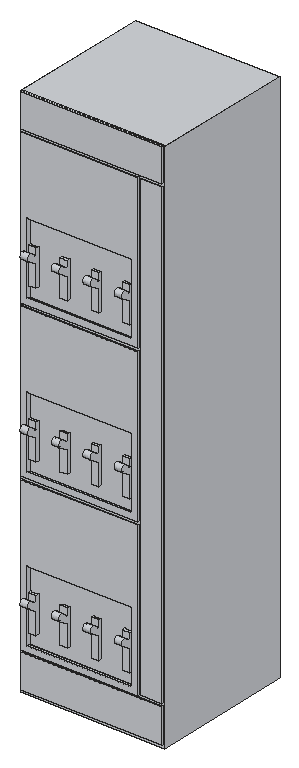
Revit family "M_Quadro elétrico do disjuntor", category Equipamento elétrico, Revit 2019
Family settings
  Cota do conector redondo = Utilizar diâmetro
  Tipo de parte = Quadro elétrico
  Número OmniClass = 23.80.30.11.17
  Título OmniClass = Distribution Boards and Control Panels
  ID de item do Seek = Circuit Breaker Switchboard-0000-CAN-ENU
  Com base no plano de trabalho = Não
  Sempre na vertical = Sim
  Corte com vazios quando carregada = Não
  Compartilhado = Não
  Ponto de cálculo do ambiente = Não
Parameters (values of type "610mmx660mm")
  Largura do quadro elétrico = 660 mm
  Voltagem do quadro elétrico = 480 V
  Material do quadro elétrico = none
  Comprimento do quadro elétrico = 610 mm
  Altura do quadro elétrico = 2286 mm
  Visibilidade do interruptor = not(Comprimento do quadro elétrico < 76.2 mm)  # yes
  Material do interruptor = none
  Contagem de interruptor = if(not(Comprimento do quadro elétrico > 152.4 mm), 1, (Comprimento do quadro elétrico - 152.4 mm) / 152.4 mm + 1)  # 4
  Número de pólos = 3
  Classificação MCB = 400.0 A
  Classificação de carga = Potência
  Comprimento = (Comprimento do quadro elétrico - 165.1 mm - (Contagem de interruptor - 1) * 101.6 mm - Contagem de interruptor * 31.75 mm) / 2  # 6.55 mm
Types (4, lengths in mm): name | Largura do quadro elétrico | Comprimento do quadro elétrico | Contagem de interruptor | Classificação MCB | Comprimento
  (no name) | 660 | 610 | 4 | 400 (stored number, unit not read) | 6.55
  610mmx660mm | 660 | 610 | 4 | 400.0 A | 6.55
  762mmx965mm | 965 | 762 | 5 | 600.0 A | 15.875
  914mmx965mm | 965 | 914 | 6 | 800.0 A | 25.2
Reference planes
  plane 1 "Centro (Frente/Trás)": y = 0
  plane 2: z = 0
  plane 3 "Centro (Esquerda/Direita)": x = 0
  plane 4: x = -305
  plane 5: x = 305
  plane 6: z = 2286
  plane 7: y = -609.435
  plane 8: z = 12.7
  plane 9: x = -298.65
  plane 10: x = 298.65
  plane 11: z = 158.75
  plane 12: x = 209.75
  plane 13: z = 165.1
  plane 14: z = 825.5
  plane 15: z = 812.8
  plane 16: z = 1485.9
  plane 17: z = 1473.2
  plane 18: z = 2146.3
  plane 19: z = 2133.6
  plane 20: x = 197.05
  plane 21: y = -615.785
  plane 22: z = 171.45
  plane 23: x = -273.25
  plane 24: x = 171.65
  plane 25: z = 190.5
  plane 26: z = 495.3
  plane 27: z = 850.9
  plane 28: z = 1155.7
  plane 29: z = 1511.3
  plane 30: z = 1816.1
  plane 31: y = -603.085
  plane 32: z = 241.3
  plane 33: z = 901.7
  plane 34: z = 1562.1
  plane 35: x = -266.7
  plane 36: y = -660
  plane 37: y = -330
  plane 38: y = -301.543
  plane 39: x = 165.1
  plane 40: x = 133.1
Forms (mm)
  Extrusion 1, solid, material <- "Material do quadro elétrico"
    sketch origin (0, 0, 0) x (1, 0, 0) y (0, 0, 1)
      loop
        line (-305, 2286) -> (-305, 0) -> (305, 0) -> (305, 2286) -> (-305, 2286)
    from 0 to 609.435
  Extrusion 2, solid, material <- "Material do quadro elétrico"
    sketch origin (0, 0, 0) x (1, 0, 0) y (0, 0, 1)
      loop
        line (-298.65, 812.8) -> (-298.65, 165.1) -> (197.05, 165.1) -> (197.05, 812.8) -> (-298.65, 812.8)
    from 609.435 to 615.785
  Extrusion 3, solid, material <- "Material do quadro elétrico"
    sketch origin (0, 0, 0) x (1, 0, 0) y (0, 0, 1)
      loop
        line (-298.65, 1473.2) -> (-298.65, 825.5) -> (197.05, 825.5) -> (197.05, 1473.2) -> (-298.65, 1473.2)
    from 609.435 to 615.785
  Extrusion 4, solid, material <- "Material do quadro elétrico"
    sketch origin (0, 0, 0) x (1, 0, 0) y (0, 0, 1)
      loop
        line (-298.65, 2133.6) -> (-298.65, 1485.9) -> (197.05, 1485.9) -> (197.05, 2133.6) -> (-298.65, 2133.6)
    from 609.435 to 615.785
  Extrusion 5, solid, material <- "Material do quadro elétrico"
    sketch origin (0, 0, 0) x (1, 0, 0) y (0, 0, 1)
      loop
        line (-298.65, 158.75) -> (-298.65, 12.7) -> (298.65, 12.7) -> (298.65, 158.75) -> (-298.65, 158.75)
    from 609.435 to 615.785
  Extrusion 6, solid, material <- "Material do quadro elétrico"
    sketch origin (0, 0, 0) x (1, 0, 0) y (0, 0, 1)
      loop
        line (209.75, 2133.6) -> (209.75, 171.45) -> (298.65, 171.45) -> (298.65, 2133.6) -> (209.75, 2133.6)
    from 609.435 to 615.785
  Extrusion 7, solid, material <- "Material do quadro elétrico"
    sketch origin (0, 0, 0) x (1, 0, 0) y (0, 0, 1)
      loop
        line (-298.65, 2286) -> (-298.65, 2146.3) -> (298.65, 2146.3) -> (298.65, 2286) -> (-298.65, 2286)
    from 609.435 to 615.785
  Extrusion 8, void
    sketch origin (0, 0, 0) x (1, 0, 0) y (0, 0, 1)
      loop
        line (-273.25, 1816.1) -> (-273.25, 1511.3) -> (171.65, 1511.3) -> (171.65, 1816.1) -> (-273.25, 1816.1)
    from 603.085 to 615.785
  Extrusion 9, void
    sketch origin (0, 0, 0) x (1, 0, 0) y (0, 0, 1)
      loop
        line (-273.25, 1155.7) -> (-273.25, 850.9) -> (171.65, 850.9) -> (171.65, 1155.7) -> (-273.25, 1155.7)
    from 603.085 to 615.785
  Extrusion 10, void
    sketch origin (0, 0, 0) x (1, 0, 0) y (0, 0, 1)
      loop
        line (-273.25, 495.3) -> (-273.25, 190.5) -> (171.65, 190.5) -> (171.65, 495.3) -> (-273.25, 495.3)
    from 603.085 to 615.785
  Extrusion 11, solid, material <- "Material do quadro elétrico"
    sketch origin (0, 0, 0) x (1, 0, 0) y (0, 1, 0)
      loop
        line (-305, 0) -> (-305, -603.085) -> (305, -603.085) -> (305, 0) -> (-305, 0)
    from 0 to 2286
  Extrusion 12, solid, material <- "Material do quadro elétrico"
    sketch origin (0, 0, 0) x (1, 0, 0) y (0, 1, 0)
      loop
        circle (0, -301.543) r 6.35
    from 2146.3 to 2286
Cuts and joins
  Extrusion 8, Extrusion 9, Extrusion 10 cuts Extrusion 1
  Extrusion 10 cuts Extrusion 2
  Extrusion 9 cuts Extrusion 3
  Extrusion 8 cuts Extrusion 4
  joined: Extrusion 1, Extrusion 2, Extrusion 3, Extrusion 4, Extrusion 5, Extrusion 6, Extrusion 7
  joined: Extrusion 11, Extrusion 12
Dimensions and locks
  equal spacing: plane 5, plane 3 "Centro (Esquerda/Direita)", plane 4
  "Comprimento do quadro elétrico": plane 5 to plane 4
  "Altura do quadro elétrico": plane 6 to plane 2
  locked: plane 8 to plane 2 at 12.7
  locked: plane 9 to plane 4 at 6.35
  locked: plane 5 to plane 10 at 6.35
  locked: plane 11 to plane 8 at 146.05
  locked: plane 10 to plane 12 at 88.9
  locked: plane 13 to plane 11 at 6.35
  locked: plane 14 to plane 13 at 660.4
  locked: plane 14 to plane 15 at 12.7
  locked: plane 16 to plane 14 at 660.4
  locked: plane 16 to plane 17 at 12.7
  locked: plane 18 to plane 16 at 660.4
  locked: plane 18 to plane 19 at 12.7
  locked: plane 12 to plane 20 at 12.7
  locked: plane 7 to plane 21 at 6.35
  locked: plane 22 to plane 11 at 12.7
  locked: plane 23 to plane 9 at 25.4
  locked: plane 20 to plane 24 at 25.4
  locked: plane 25 to plane 13 at 25.4
  locked: plane 26 to plane 25 at 304.8
  locked: plane 27 to plane 14 at 25.4
  locked: plane 28 to plane 27 at 304.8
  locked: plane 29 to plane 16 at 25.4
  locked: plane 30 to plane 29 at 304.8
  locked: plane 31 to plane 7 at 6.35
  locked: plane 32 to plane 25 at 50.8
  locked: plane 33 to plane 27 at 50.8
  locked: plane 34 to plane 29 at 50.8
  "Comprimento": plane 35 to plane 23
  locked: plane 21 to plane 36 at 44.215
  "Largura do quadro elétrico": plane 1 "Centro (Frente/Trás)" to plane 36
  equal spacing: plane 1 "Centro (Frente/Trás)", plane 37, plane 36
  equal spacing: plane 31, plane 38, plane 1 "Centro (Frente/Trás)"
  "Comprimento": plane 24 to plane 39
  locked: plane 39 to plane 40 at 32
  equal spacing: group 1, group 7, group 10, group 2  (x3)
  equal spacing: group 3, group 8, group 11, group 4  (x3)
  equal spacing: group 5, group 9, group 12, group 6  (x3)
  aligned and locked: plane 4 to Extrusion 1 sketch curve
  aligned and locked: Extrusion 1 sketch curve to plane 6
  aligned and locked: plane 2 to Extrusion 1 sketch curve
  aligned and locked: Extrusion 1 sketch curve to plane 5
  aligned and locked: Extrusion 1 to plane 7
  aligned and locked: Extrusion 1 to plane 1 "Centro (Frente/Trás)"
  aligned and locked: plane 9 to Extrusion 2 sketch curve
  aligned and locked: Extrusion 2 sketch curve to plane 15
  aligned and locked: plane 13 to Extrusion 2 sketch curve
  aligned and locked: Extrusion 2 sketch curve to plane 20
  aligned and locked: Extrusion 2 to plane 21
  aligned and locked: plane 7 to Extrusion 2
  aligned and locked: plane 9 to Extrusion 3 sketch curve
  aligned and locked: Extrusion 3 sketch curve to plane 17
  aligned and locked: plane 14 to Extrusion 3 sketch curve
  aligned and locked: Extrusion 3 sketch curve to plane 20
  aligned and locked: Extrusion 3 to plane 21
  aligned and locked: plane 7 to Extrusion 3
  aligned and locked: plane 9 to Extrusion 4 sketch curve
  aligned and locked: Extrusion 4 sketch curve to plane 19
  aligned and locked: plane 16 to Extrusion 4 sketch curve
  aligned and locked: Extrusion 4 sketch curve to plane 20
  aligned and locked: Extrusion 4 to plane 21
  aligned and locked: plane 7 to Extrusion 4
  aligned and locked: plane 9 to Extrusion 5 sketch curve
  aligned and locked: Extrusion 5 sketch curve to plane 11
  aligned and locked: plane 8 to Extrusion 5 sketch curve
  aligned and locked: Extrusion 5 sketch curve to plane 10
  aligned and locked: Extrusion 5 to plane 21
  aligned and locked: plane 7 to Extrusion 5
  aligned and locked: plane 12 to Extrusion 6 sketch curve
  aligned and locked: Extrusion 6 sketch curve to plane 19
  aligned and locked: plane 22 to Extrusion 6 sketch curve
  aligned and locked: Extrusion 6 sketch curve to plane 10
  aligned and locked: Extrusion 6 to plane 21
  aligned and locked: plane 7 to Extrusion 6
  aligned and locked: plane 9 to Extrusion 7 sketch curve
  aligned and locked: Extrusion 7 sketch curve to plane 6
  aligned and locked: plane 18 to Extrusion 7 sketch curve
  aligned and locked: Extrusion 7 sketch curve to plane 10
  aligned and locked: Extrusion 7 to plane 21
  aligned and locked: plane 7 to Extrusion 7
  aligned and locked: plane 23 to Extrusion 8 sketch curve
  aligned and locked: Extrusion 8 sketch curve to plane 30
  aligned and locked: plane 29 to Extrusion 8 sketch curve
  aligned and locked: Extrusion 8 sketch curve to plane 24
  aligned and locked: Extrusion 2 to Extrusion 8
  aligned and locked: plane 31 to Extrusion 8
  aligned and locked: plane 23 to Extrusion 9 sketch curve
  aligned and locked: Extrusion 9 sketch curve to plane 28
  aligned and locked: plane 27 to Extrusion 9 sketch curve
  aligned and locked: Extrusion 9 sketch curve to plane 24
  aligned and locked: Extrusion 2 to Extrusion 9
  aligned and locked: plane 23 to Extrusion 10 sketch curve
  aligned and locked: Extrusion 10 sketch curve to plane 26
  aligned and locked: plane 25 to Extrusion 10 sketch curve
  aligned and locked: Extrusion 10 sketch curve to plane 24
  aligned and locked: Extrusion 2 to Extrusion 10
  aligned and locked: plane 3 "Centro (Esquerda/Direita)" to nested 1
  aligned and locked: nested 1 to plane 37
  aligned and locked: Extrusion 9 to Extrusion 8
  aligned and locked: Extrusion 10 to Extrusion 8
  aligned and locked: Extrusion 11 sketch curve to cut or joined group 1 (Extrusion 1, Extrusion 2, Extrusion 3, Extrusion 4, Extrusion 5, Extrusion 6, Extrusion 7, Extrusion 8, Extrusion 9, Extrusion 10)  (x2)
  aligned and locked: Extrusion 11 sketch curve to plane 5
  aligned and locked: Extrusion 11 to plane 2
  aligned and locked: plane 6 to Extrusion 11
  aligned and locked: plane 31 to Extrusion 11 sketch curve
  aligned and locked: plane 38 to Extrusion 12 sketch curve
  aligned and locked: plane 3 "Centro (Esquerda/Direita)" to Extrusion 12 sketch curve
  aligned and locked: plane 6 to Extrusion 12
  aligned and locked: Extrusion 12 to plane 18
  aligned and locked: plane 32 to nested 2
  aligned and locked: plane 33 to nested 3
  aligned and locked: plane 34 to nested 4
  aligned and locked: plane 35 to nested 2
  aligned and locked: plane 35 to nested 3
  aligned and locked: plane 35 to nested 4
  aligned and locked: nested 2 to plane 31
  aligned and locked: nested 3 to plane 31
  aligned and locked: nested 4 to plane 31
  aligned and locked: plane 33 to nested 6
  aligned and locked: plane 40 to nested 6
  aligned and locked: nested 6 to plane 31
  aligned and locked: plane 32 to nested 5
  aligned and locked: plane 40 to nested 5
  aligned and locked: nested 5 to plane 31
  aligned and locked: plane 34 to nested 7
  aligned and locked: plane 40 to nested 7
  aligned and locked: nested 7 to plane 31
Automatic sketch dimensions
  radius of Extrusion 12 sketch curve = 6.35 mm
Nested families
  nested 1: "Anotação de legenda 3-32" at (0, -330, 0), type "Anotação de legenda 3-32", detail levels coarse+medium
  nested 2: "M_Interruptor A" at (-234.95, -603.085, 393.7), type "Interruptor A"
  nested 3: "M_Interruptor A" at (-234.95, -603.085, 1054.1), type "Interruptor A"
  nested 4: "M_Interruptor A" at (-234.95, -603.085, 1714.5), type "Interruptor A"
  nested 5: "M_Interruptor A" at (164.85, -603.085, 393.7), type "Interruptor A"
  nested 6: "M_Interruptor A" at (164.85, -603.085, 1054.1), type "Interruptor A"
  nested 7: "M_Interruptor A" at (164.85, -603.085, 1714.5), type "Interruptor A"
  nested 8: "M_Interruptor A" at (-101.683, -603.085, 393.7), type "Interruptor A"
  nested 9: "M_Interruptor A" at (-101.683, -603.085, 1054.1), type "Interruptor A"
  nested 10: "M_Interruptor A" at (-101.683, -603.085, 1714.5), type "Interruptor A"
  nested 11: "M_Interruptor A" at (31.583, -603.085, 393.7), type "Interruptor A"
  nested 12: "M_Interruptor A" at (31.583, -603.085, 1054.1), type "Interruptor A"
  nested 13: "M_Interruptor A" at (31.583, -603.085, 1714.5), type "Interruptor A"
Connectors
  electrical at (0, -301.543, 2286), driven by "Número de pólos", driven by "Voltagem do quadro elétrico", driven by "Classificação de carga"
    settings: on Extrusion 12, index 1, voltage 480 V, apparent load 0 VA, apparent load phase1 0 VA, apparent load phase2 0 VA, apparent load phase3 0 VA, power factor 0.8, load classification "Potência", number of poles 3, system type 31, power factor state 1, is connector primary yes, connector utility no, sub classification motor no, connector description ""
  cabletrayconduit at (0, -301.543, 2286), diameter 600
    settings: on cut or joined group of Extrusion 11, Extrusion 12, index 2, connector width 300 mm, connector height 300 mm, connector angle 0.00°, system type 32, placement type 1, profile type 0, connector reference index -1, is primary connector yes, connector utility param no, connector description ""
  cabletrayconduit at (-305, -304.718, 1143), diameter 600
    settings: on cut or joined group 1, index 3, connector width 300 mm, connector height 300 mm, connector angle 0.00°, system type 32, placement type 1, profile type 0, connector reference index -1, is primary connector no, connector utility param no, connector description ""
  cabletrayconduit at (305, -304.718, 1143), diameter 600
    settings: on cut or joined group 1, index 4, connector width 300 mm, connector height 300 mm, connector angle 0.00°, system type 32, placement type 1, profile type 0, connector reference index -1, is primary connector no, connector utility param no, connector description ""
  cabletrayconduit at (0, 0, 1143), diameter 600
    settings: on cut or joined group 1, index 5, connector width 300 mm, connector height 300 mm, connector angle 0.00°, system type 32, placement type 1, profile type 0, connector reference index -1, is primary connector no, connector utility param no, connector description ""
  cabletrayconduit at (0, -304.718, 0), diameter 600
    settings: on cut or joined group 1, index 6, connector width 300 mm, connector height 300 mm, connector angle 0.00°, system type 32, placement type 1, profile type 0, connector reference index -1, is primary connector no, connector utility param no, connector description ""
Definition of nested family "M_Interruptor A"
  Parameters
    Material = none
    Assembly Code = ""
  Reference planes
    plane 1 "Centro (Frente/Trás)": y = 0
    plane 2: z = 0
    plane 3 "Centro (Esquerda/Direita)": x = 0
    plane 4: x = -31.75
    plane 5: z = -152.4
    plane 6: y = -12.7
    plane 7: z = -28.575
    plane 8: z = -60.325
    plane 9: through (0, -12.7, -28.575) normal (0, 0.5592, 0.829)
    plane 10: through (0, -12.7, -60.325) normal (0, 0.5592, 0.829)
    plane 11: through (0, -36.426, -12.572) normal (0, -0.829, 0.5592)
    plane 12: through (0, -43.786, -23.482) normal (0, 0.5592, 0.829)
  Forms (mm)
    Extrusion 1, solid, material <- "Material"
      sketch origin (0, 0, 0) x (1, 0, 0) y (0, 0, 1)
        loop
          line (-31.75, 0) -> (-31.75, -152.4) -> (0, -152.4) -> (0, 0) -> (-31.75, 0)
      from 0 to 12.7
    Extrusion 2, solid, material <- "Material"
      sketch origin (0, 0, 0) x (0, 1, 0) y (0, 0, 1)
        loop
          line (-12.7, -28.575) -> (-36.426, -12.572)
          arc (-36.426, -12.572) -> (-54.697, -16.123) -> (-51.145, -34.393) r 13.161
          line (-51.145, -34.393) -> (-12.7, -60.325) -> (-12.7, -28.575)
      from -31.75 to 0
  Cuts and joins
    joined: Extrusion 1, Extrusion 2
  Dimensions and locks
    locked: plane 2 to plane 5 at 152.4  (x2)
    locked: plane 3 "Centro (Esquerda/Direita)" to plane 4 at 31.75
    locked: plane 6 to plane 1 "Centro (Frente/Trás)" at 12.7
    locked: plane 2 to plane 7 at 28.575
    locked: plane 7 to plane 8 at 31.75
    Extrusion 2 sketch curve to Extrusion 2 sketch curve = 28.619 mm
    equal spacing: plane 9, plane 12, plane 10
    locked: plane 7 to plane 9 (angle 34.00°)
    locked: plane 8 to plane 10 (angle 34.00°)
    angle plane 10 to plane 11 = 90.00°
    aligned and locked: plane 4 to Extrusion 1 sketch curve
    aligned and locked: Extrusion 1 sketch curve to plane 2
    aligned and locked: plane 5 to Extrusion 1 sketch curve
    aligned and locked: Extrusion 1 sketch curve to plane 3 "Centro (Esquerda/Direita)"
    aligned and locked: Extrusion 1 to plane 1 "Centro (Frente/Trás)"
    aligned and locked: Extrusion 1 to plane 6
    aligned and locked: Extrusion 2 sketch curve to plane 9
    aligned and locked: Extrusion 2 sketch curve to plane 10
    aligned and locked: plane 11 to Extrusion 2 sketch curve  (x2)
    aligned and locked: Extrusion 1 to Extrusion 2 sketch curve  (x3)
    aligned and locked: Extrusion 2 sketch curve to plane 6
    aligned and locked: Extrusion 2 to plane 4
    aligned and locked: plane 3 "Centro (Esquerda/Direita)" to Extrusion 2
Definition of nested family "Anotação de legenda 3-32"
  Parameters
    Legenda = ""
  Reference planes
    plane 1: y = 0
    plane 2: x = 0
  Text (mm)
    label "Legenda" at (0.095, -0.088, 0), shows "Legenda"
